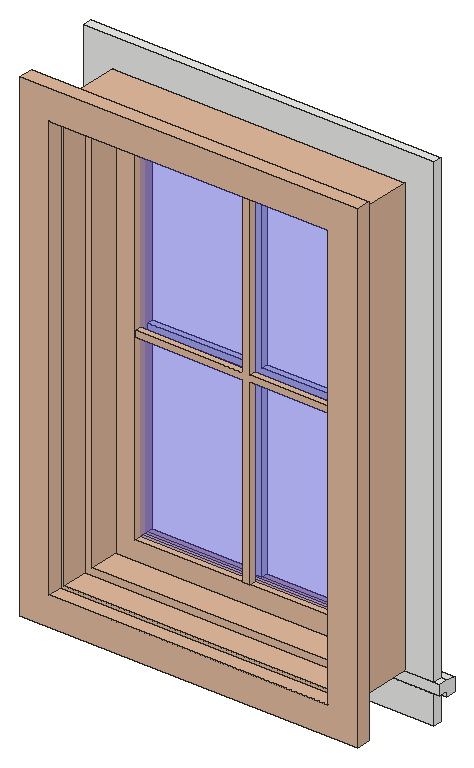
Revit family "M_Janela-batente-único_direito", category Janelas, Revit 2019
Family settings
  Hospedeiro = Parede
  Número OmniClass = 23.30.20.17.21.14
  Título OmniClass = Casement Windows
  Sempre na vertical = Sim
  Corte com vazios quando carregada = Não
  Compartilhado = Não
  Ponto de cálculo do ambiente = Não
Parameters (values of type "600 x 900mm")
  Janela aplicada [instance] = 0 mm
  Espessura da parede [instance] = 150 mm
  Visual Light Transmittance = 0.81
  Resistência térmica (R) = 0.319569 (m²·K)/W
  Solar Heat Gain Coefficient = 0.76
  Largura bruta = Largura + 15 mm  # 615 mm
  Altura bruta = Altura + 15 mm  # 915 mm
  Visibilidade do montante = yes
  Padrão do montante = M_Padrão do montante_2x2 : M_Padrão do montante_2x2
  Fechamento da parede interior [instance] = 54.75 mm
  Visibilidade do recorte interior [instance] = yes
  Material da apara interior = Madeira – Manchada
  Recorte interior = M_Moldura-janela-interior-plana : Quadro
  Altura = 900 mm
  Material da moldura interior = Madeira – Manchada
  Coeficiente de transferência de calor (U) = 3.12929 W/(m²·K)
  Material do painel de vidro = Vidro
  Extensão do quadro [instance] = if(Visibilidade da apara externa, Janela aplicada + 6.35 mm, 6.35 mm)  # 6.35 mm
  Classificação de incêndio = "0.5h"
  Fechamento da parede externa [instance] = 31.75 mm
  Visibilidade da apara externa [instance] = yes
  Material da apara externa = Revestimento – Branco
  Apara externa = M_Recorte-Janela-Exterior-Plana : com peitoril
  Material da moldura exterior = Revestimento – Branco
  Visibilidade do umbral da extensão [instance] = and(Visibilidade do recorte interior, Espessura da parede - Janela aplicada > 95.25 mm)  # yes
  Umbral da extensão [instance] = if(Espessura da parede - Janela aplicada > 95.25 mm, Espessura da parede - Janela aplicada - 95.25 mm, 25.4 mm)  # 54.75 mm
  Altura-padrão do peitoril = 900 mm
  Fechamento da parede = Por hospedeiro
  Largura = 600 mm
  Código de montagem = "B2020100"
  Construção analítica = "Vidraça dupla – residencial"
Reference planes
  plane 1 "Centro (Frente/Trás)": y = 0
  plane 2: z = 0
  plane 3 "Centro (Esquerda/Direita)": x = 0
  plane 4 "Esquerda": x = -300
  plane 5 "Direita": x = 300
  plane 6 "Peitoril": z = 900
  plane 7 "Superior": z = 1800
  plane 8 "Inset Face": y = 75
  plane 9 "Fechamento da parede": y = -20.25
  plane 10 "Face do caixilho": y = 87.7
  plane 11 "Exterior": y = 75
  plane 12: x = 287.3
  plane 13: x = -287.3
  plane 14: z = 1787.3
  plane 15: z = 912.7
  plane 16: x = 230.15
  plane 17: x = -230.15
  plane 18: z = 1730.15
  plane 19: z = 969.85
  plane 20: y = 55.95
  plane 21 "Vidro": y = 65.475
  plane 22 "Meio": z = 1350
  plane 23: y = 94.05
  plane 24: y = 94.05
  plane 25 "Interior": y = -75
  plane 26 "Umbral": y = -20.25
  plane 27: y = -20.25
  plane 28: y = 43.25
  plane 29: y = 94.05
Forms (mm)
  Sweep 1, solid, material "Madeira – Manchada" <- "Material da moldura interior"
    path origin (0, 87.7, 0) x (-1, 0, 0) y (0, 0, 1)
      loop
        line (-300, 900) -> (300, 900) -> (300, 1800) -> (-300, 1800) -> (-300, 900)
    profile origin (300, 87.7, 1350) x (1, 0, 0) y (0, 1, 0)
      loop
        line (0, 6.35) -> (-12.7, 6.35) -> (-12.7, -44.45) -> (-31.75, -44.45) -> (-31.75, -107.95) -> (0, -107.95) -> (0, 6.35)
  Extrusion 2, solid, material "Madeira – Manchada" <- "Material da moldura interior", visible <- "Visibilidade do umbral da extensão"
    sketch origin (0, 0, 0) x (1, 0, 0) y (0, 0, 1)
      loop
        line (300, 1800) -> (-300, 1800) -> (-300, 900) -> (300, 900) -> (300, 1800)
      loop
        line (280.95, 919.05) -> (280.95, 1780.95) -> (-280.95, 1780.95) -> (-280.95, 919.05) -> (280.95, 919.05)
    from 20.25 to 75
  Sweep 3, solid, material "Madeira – Manchada" <- "Material da moldura interior"
    path origin (0, 87.7, 0) x (-1, 0, 0) y (0, 0, 1)
      loop
        line (-287.3, 912.7) -> (287.3, 912.7) -> (287.3, 1787.3) -> (-287.3, 1787.3) -> (-287.3, 912.7)
    profile origin (287.3, 87.7, 1350) x (1, 0, 0) y (0, 1, 0)
      loop
        line (0, 0) -> (-57.15, 0) -> (-57.15, -44.45) -> (0, -44.45) -> (0, 0)
  Extrusion 4, solid, material "Vidro"
    sketch origin (-701.675, 0, 900) x (0, -1, 0) y (1, 0, 0)
      loop
        line (-75, 471.525) -> (-68.65, 471.525) -> (-68.65, 931.825) -> (-75, 931.825) -> (-75, 471.525)
      loop
        line (-55.95, 931.825) -> (-62.3, 931.825) -> (-62.3, 471.525) -> (-55.95, 471.525) -> (-55.95, 931.825)
    from 69.85 to 830.15
Lines and regions (mm)
  Opening 1
    outline origin (-1524, -75, 0) x (1, 0, 0) y (0, 0, 1)
      loop
        line (1224, 1800) -> (1224, 900) -> (1824, 900) -> (1824, 1800) -> (1224, 1800)
  Split face 1
    outline origin (-230.15, 43.25, 969.85) x (1, 0, 0) y (0, 1, 0)
      loop
        line (0, 31.75) -> (460.3, 31.75)
  Split face 2
    outline origin (230.15, 43.25, 969.85) x (0, 0, 1) y (0, 1, 0)
      loop
        line (760.3, 31.75) -> (0, 31.75)
  Split face 3
    outline origin (-230.15, 43.25, 1730.15) x (0, 0, -1) y (0, 1, 0)
      loop
        line (760.3, 31.75) -> (0, 31.75)
  Split face 4
    outline origin (230.15, 43.25, 1730.15) x (0, 1, 0) y (-1, 0, 0)
      loop
        line (31.75, 460.3) -> (31.75, 0)
  symbolic lines, style "Giro da elevação"
    curve 1: line (287.3, 0, 1350) -> (-287.3, 0, 912.7)
    curve 2: line (287.3, 0, 1350) -> (-287.3, 0, 1787.3)
Text (mm)
  text "EXTERIOR" at (-1490.695, 1293.036, 0), in view "Nível de referência"
  text "INTERIOR" at (-1490.695, -959.266, 0), in view "Nível de referência"
  text "Exterior" at (0, 1108.87, 3129.179), in view "Esquerda"
  text "Exterior" at (0, 464.664, 3176.206), in view "Direita"
Dimensions and locks
  equal spacing: plane 4 "Esquerda", plane 3 "Centro (Esquerda/Direita)", plane 5 "Direita"
  "Largura": plane 4 "Esquerda" to plane 5 "Direita"
  "Altura": plane 6 "Peitoril" to plane 7 "Superior"
  "Altura-padrão do peitoril": plane 2 to plane 6 "Peitoril"
  locked: plane 10 "Face do caixilho" to plane 8 "Inset Face" at 12.7
  "Espessura da parede": host wall to host wall
  "Janela aplicada": plane 11 "Exterior" to plane 8 "Inset Face"
  locked: Sweep 1 sketch curve to plane 5 "Direita" at 31.75
  locked: Sweep 1 sketch curve to plane 5 "Direita" at 12.7
  locked: plane 10 "Face do caixilho" to Sweep 1 sketch curve at 44.45
  locked: plane 12 to plane 5 "Direita" at 12.7
  locked: plane 4 "Esquerda" to plane 13 at 12.7
  locked: plane 14 to plane 7 "Superior" at 12.7
  locked: plane 6 "Peitoril" to plane 15 at 12.7
  locked: plane 16 to plane 12 at 57.15
  locked: plane 13 to plane 17 at 57.15
  locked: plane 18 to plane 14 at 57.15
  locked: plane 15 to plane 19 at 57.15
  locked: Extrusion 2 sketch curve to plane 7 "Superior" at 19.05
  locked: Extrusion 2 sketch curve to plane 5 "Direita" at 19.05
  locked: Extrusion 2 sketch curve to plane 4 "Esquerda" at 19.05
  locked: plane 6 "Peitoril" to Extrusion 2 sketch curve at 19.05
  equal spacing: plane 8 "Inset Face", plane 21 "Vidro", plane 20
  locked: plane 8 "Inset Face" to plane 20 at 19.05
  equal spacing: plane 6 "Peitoril", plane 22 "Meio", plane 7 "Superior"
  locked: plane 23 to plane 11 "Exterior" at 19.05
  locked: plane 24 to plane 10 "Face do caixilho" at 6.35
  "Umbral da extensão": plane 26 "Umbral" to plane 25 "Interior"
  locked: plane 8 "Inset Face" to plane 9 "Fechamento da parede" at 95.25
  "Fechamento da parede interior": plane 27 to plane 25 "Interior"
  "Fechamento da parede externa": plane 11 "Exterior" to plane 28
  "Extensão do quadro": plane 29 to plane 10 "Face do caixilho"
  aligned and locked: plane 7 "Superior" to Opening 1 sketch curve
  aligned and locked: plane 6 "Peitoril" to Opening 1 sketch curve  (x2)
  aligned and locked: plane 5 "Direita" to Opening 1 sketch curve
  aligned and locked: plane 4 "Esquerda" to Opening 1 sketch curve
  aligned and locked: level to plane 2
  aligned and locked: host wall to plane 11 "Exterior"
  aligned and locked: plane 5 "Direita" to Sweep 1 sketch curve
  aligned and locked: plane 7 "Superior" to Sweep 1 sketch curve
  aligned and locked: Sweep 1 sketch curve to plane 4 "Esquerda"
  aligned and locked: Sweep 1 sketch curve to plane 6 "Peitoril"
  aligned and locked: Extrusion 2 sketch curve to host wall  (x3)
  aligned and locked: plane 7 "Superior" to Extrusion 2 sketch curve
  aligned and locked: host wall to Extrusion 2
  aligned and locked: plane 15 to Sweep 3 sketch curve
  aligned and locked: Sweep 3 sketch curve to plane 13
  aligned and locked: Sweep 3 sketch curve to plane 14
  aligned and locked: Extrusion 4 sketch curve to plane 8 "Inset Face"
  aligned and locked: plane 20 to Extrusion 4 sketch curve
  aligned and locked: Sweep 3 to Extrusion 4 sketch curve  (x2)
  aligned and locked: Extrusion 4 sketch curve to plane 17  (x2)
  aligned and locked: plane 19 to nested 1
  aligned and locked: nested 1 to plane 21 "Vidro"
  aligned and locked: plane 18 to Extrusion 4
  aligned and locked: Split face 1 sketch curve to Extrusion 4
  aligned and locked: plane 8 "Inset Face" to Split face 2 sketch curve
  aligned and locked: Split face 3 sketch curve to plane 8 "Inset Face"
  aligned and locked: Split face 4 sketch curve to plane 8 "Inset Face"
  aligned and locked: plane 25 "Interior" to host wall
  aligned and locked: plane 26 "Umbral" to Extrusion 2
  aligned and locked: plane 9 "Fechamento da parede" to Sweep 1
  aligned and locked: nested 2 to plane 4 "Esquerda"
  aligned and locked: plane 11 "Exterior" to nested 2
  aligned and locked: plane 12 to Sweep 3 sketch curve
  aligned and locked: plane 22 "Meio" to curve 1
  aligned and locked: nested 2 to plane 7 "Superior"
  aligned and locked: nested 1 to plane 16
  aligned and locked: nested 1 to plane 17
  aligned and locked: plane 18 to nested 1
  aligned and locked: plane 7 "Superior" to nested 4
  aligned and locked: plane 3 "Centro (Esquerda/Direita)" to nested 4
  aligned and locked: plane 7 "Superior" to nested 3
  aligned and locked: nested 3 to plane 3 "Centro (Esquerda/Direita)"
  aligned and locked: plane 29 to Sweep 1 sketch curve
Automatic sketch dimensions
  Sweep 1 sketch curve to profile plane = 0 mm
  Sweep 1 sketch curve to Sweep 1 sketch curve = 63.5 mm
  Sweep 3 sketch curve to plane 10 "Face do caixilho" = 0 mm
  Sweep 3 sketch curve to profile plane = 0 mm
  profile plane to Sweep 3 sketch curve = 57.15 mm
  Sweep 3 sketch curve to plane 10 "Face do caixilho" = 44.45 mm
  plane 21 "Vidro" to Extrusion 4 sketch curve = 3.175 mm
  Extrusion 4 sketch curve to plane 21 "Vidro" = 3.175 mm
  plane 13 to curve 2 = 0 mm
  plane 13 to curve 1 = 0 mm
  plane 12 to curve 1 = 0 mm
  curve 1 to plane 15 = 0 mm
  curve 2 to plane 14 = 0 mm
  Split face 1 sketch curve to Sweep 3 = 0 mm  (x2)
  Split face 2 sketch curve to Sweep 3 = 0 mm
  Sweep 3 to Split face 2 sketch curve = 0 mm
  Sweep 3 to Split face 3 sketch curve = 0 mm
  Split face 3 sketch curve to Sweep 3 = 0 mm
  Split face 4 sketch curve to Sweep 3 = 0 mm  (x2)
Nested families
  nested 1: "M_Padrão do montante_2x2" at (0, 65.475, 969.85), type <- "Padrão do montante", Material externo <- "Material da moldura exterior", Material interior <- "Material da moldura interior", visible <- "Visibilidade do montante", type "M_Padrão do montante_2x2"
    with Largura 460.3 mm, Material interior Madeira – Manchada, Altura 760.3 mm, Material externo Revestimento – Branco
  nested 2: "M_Plano-Batente" at (0, 75, 900) x (-1, 0, 0) z (0, 0, 1), Largura <- "Largura", Janela aplicada <- "Janela aplicada", Altura <- "Altura", Espessura da parede <- "Espessura da parede", type "M_Plano-Batente"
    with Janela aplicada de 3D 0 mm, Janela aplicada 0 mm, Largura 600 mm, Espessura da parede 150 mm, Linha superior yes, Linha à direita yes, RH yes, Linha à esquerda yes, LH no, Altura 900 mm, Linha inferior yes
  nested 3: "M_Recorte-Janela-Exterior-Plana" at (0, 75, 1800) x (-1, 0, 0) z (0, 1, 0), visible <- "Visibilidade da apara externa", Material da apara <- "Material da apara externa", Largura da abertura <- "Largura", Altura da abertura <- "Altura", type <- "Apara externa", type "com peitoril"
    with Material da apara Revestimento – Branco, Largura da abertura 600 mm, Altura da abertura 900 mm
  nested 4: "M_Moldura-janela-interior-plana" at (0, -75, 1800) x (1, 0, 0) z (0, -1, 0), visible <- "Visibilidade do recorte interior", Material da apara <- "Material da apara interior", Largura da abertura <- "Largura", Altura da abertura <- "Altura", type <- "Recorte interior", type "Quadro"
    with Material da apara Madeira – Manchada, Largura da abertura 600 mm, Altura da abertura 900 mm
Definition of nested family "M_Padrão do montante_2x2"
  Parameters (values of type "M_Padrão do montante_2x2")
    Largura [instance] = 1200 mm
    Espessura = 12.7 mm
    Altura [instance] = 1200 mm
    Material interior [instance] = none
    Material externo [instance] = none
    Distância = 19.05 mm
  Reference planes
    plane 1 "Centro (Frente/Trás)": y = 0
    plane 2: z = 0
    plane 3 "Centro (Esquerda/Direita)": x = 0
    plane 4: z = 1200
    plane 5: x = -600
    plane 6: x = 600
    plane 7: z = 600
    plane 8: y = 9.525
    plane 9: y = 22.225
    plane 10: y = -9.525
    plane 11: y = -22.225
  Forms (mm)
    Extrusion 1, solid, material <- "Material interior", detail levels fine
      sketch origin (0, 0, 0) x (1, 0, 0) y (0, 0, 1)
        loop
          line (-600, 606.35) -> (-600, 593.65) -> (-6.35, 593.65) -> (-6.35, 0) -> (6.35, 0) -> (6.35, 593.65) -> (600, 593.65) -> (600, 606.35) -> (6.35, 606.35) -> (6.35, 1200) -> (-6.35, 1200) -> (-6.35, 606.35) -> (-600, 606.35)
      from 9.525 to 22.225
    Extrusion 2, solid, material <- "Material externo", detail levels fine
      sketch origin (0, 0, 0) x (1, 0, 0) y (0, 0, -1)
        loop
          line (-600, -606.35) -> (-6.35, -606.35) -> (-6.35, -1200) -> (6.35, -1200) -> (6.35, -606.35) -> (600, -606.35) -> (600, -593.65) -> (6.35, -593.65) -> (6.35, 0) -> (-6.35, 0) -> (-6.35, -593.65) -> (-600, -593.65) -> (-600, -606.35)
      from 9.525 to 22.225
  Lines and regions (mm)
    model lines, detail levels medium
      curve 1: line (0, 9.525, 1200) -> (0, 9.525, 0)
      curve 2: line (-600, -9.525, 600) -> (600, -9.525, 600)
      curve 3: line (-600, 9.525, 600) -> (600, 9.525, 600)
      curve 4: line (0, -9.525, 1200) -> (0, -9.525, 0)
  Dimensions and locks
    equal spacing: plane 6, plane 3 "Centro (Esquerda/Direita)", plane 5
    "Largura": plane 6 to plane 5
    "Altura": plane 4 to plane 2
    equal spacing: plane 4, plane 7, plane 2
    locked: plane 3 "Centro (Esquerda/Direita)" to Extrusion 1 sketch curve at 6.35  (x4)
    locked: Extrusion 1 sketch curve to plane 7 at 6.35  (x2)
    locked: plane 7 to Extrusion 1 sketch curve at 6.35  (x2)
    "Espessura": plane 9 to plane 8
    "Espessura": plane 10 to plane 11
    "Distância": plane 8 to plane 10
    equal spacing: plane 8, plane 1 "Centro (Frente/Trás)", plane 10
    aligned and locked: plane 2 to level
    aligned and locked: plane 4 to curve 1
    aligned and locked: plane 5 to curve 2
    aligned and locked: plane 2 to curve 1
    aligned and locked: plane 6 to curve 2
    aligned and locked: Extrusion 1 sketch curve to plane 4
    aligned and locked: Extrusion 1 sketch curve to plane 6
    aligned and locked: Extrusion 1 sketch curve to plane 5
    aligned and locked: Extrusion 1 sketch curve to level
    aligned and locked: Extrusion 1 to plane 11
    aligned and locked: plane 10 to Extrusion 1
    aligned and locked: Extrusion 2 to plane 5
    aligned and locked: plane 6 to Extrusion 2
    aligned and locked: Extrusion 2 to plane 8
    aligned and locked: plane 9 to Extrusion 2
    aligned and locked: Extrusion 2 to plane 2
    aligned and locked: plane 4 to Extrusion 2
    aligned and locked: plane 5 to curve 3
    aligned and locked: plane 6 to curve 3
    aligned and locked: plane 4 to curve 4
    aligned and locked: plane 2 to curve 4
    aligned and locked: plane 8 to curve 3
  Automatic sketch dimensions
    curve 2 to plane 7 = 0 mm
    Extrusion 2 sketch curve to plane 5 = 0 mm
    Extrusion 2 sketch curve to level = 0 mm
    Extrusion 2 sketch curve to plane 4 = 0 mm
    Extrusion 2 sketch curve to plane 6 = 0 mm
    Extrusion 2 sketch curve to plane 3 "Centro (Esquerda/Direita)" = 6.35 mm  (x2)
    plane 3 "Centro (Esquerda/Direita)" to Extrusion 2 sketch curve = 6.35 mm  (x2)
    plane 7 to Extrusion 2 sketch curve = 6.35 mm  (x2)
    Extrusion 2 sketch curve to plane 7 = 6.35 mm  (x2)
    curve 4 to plane 3 "Centro (Esquerda/Direita)" = 0 mm
    curve 4 to level = 0 mm
    curve 4 to plane 4 = 0 mm
    curve 3 to plane 6 = 0 mm
    curve 1 to plane 3 "Centro (Esquerda/Direita)" = 0 mm
    curve 3 to plane 5 = 0 mm
    curve 3 to plane 7 = 0 mm
Definition of nested family "M_Recorte-Janela-Exterior-Plana"
  Parameters (values of type "com peitoril")
    Largura da apara = 60 mm
    Espessura da apara_Quadro = 30 mm
    Espessura da apara_com peitoril = 19.05 mm
    Material da apara [instance] = none
    Espessura do peitoril = 30 mm
    Peitoril = yes
    Quadro = no
    Largura da abertura [instance] = 600 mm
    Altura da abertura [instance] = 900 mm
    Default Elevation = 1200 mm
  Types (2, lengths in mm): name | Peitoril | Quadro
    com peitoril | yes | no
    Quadro | no | yes
  Reference planes
    plane 1 "Centro (Frente/Trás)": y = 0
    plane 2: z = 0
    plane 3 "Centro (Esquerda/Direita)": x = 0
    plane 4: y = 60
    plane 5 "Esquerda": x = -300
    plane 6 "Direita": x = 300
    plane 7 "Inferior": y = -900
    plane 8: y = -930
    plane 9: y = -980.432
    plane 10: x = 360
    plane 11: x = -360
    plane 12: z = 19.05
    plane 13: z = 30
    plane 14: x = 372.7
    plane 15: x = -372.7
    plane 16: y = -920.432
    plane 17: y = -960
    plane 18: z = 12.7
    plane 19: y = -450
    plane 20: z = 38.1
  Forms (mm)
    Extrusion 1, solid
      sketch origin (0, 0, 0) x (1, 0, 0) y (0, 1, 0)
        loop
          line (-361.95, 57.15) -> (-361.95, -993.732) -> (361.95, -993.732) -> (361.95, 57.15) -> (-361.95, 57.15)
      from 0 to -304.8
    Extrusion 2, solid, material <- "Material da apara", visible <- "Peitoril"
      sketch origin (0, 0, 0) x (1, 0, 0) y (0, 1, 0)
        loop
          line (-360, -900) -> (-300, -900) -> (-300, 0) -> (300, 0) -> (300, -900) -> (360, -900) -> (360, 60) -> (-360, 60) -> (-360, -900)
      from 0 to 19.05
    Extrusion 3, solid, material <- "Material da apara", visible <- "Peitoril"
      sketch origin (0, 0, 0) x (0, 1, 0) y (0, 0, 1)
        loop
          line (-902.458, 38.1) -> (-930, 38.1) -> (-930, 19.05) -> (-920.432, 19.05) -> (-920.432, 0) -> (-900, 0) -> (-900, 19.05) -> (-902.458, 38.1)
      from -372.7 to 372.7
    Extrusion 4, solid, material <- "Material da apara", visible <- "Peitoril"
      sketch origin (0, 0, 0) x (1, 0, 0) y (0, 1, 0)
        loop
          line (-360, -920.432) -> (-360, -980.432) -> (360, -980.432) -> (360, -920.432) -> (-360, -920.432)
      from 0 to 19.05
    Extrusion 5, solid, material <- "Material da apara", visible <- "Quadro"
      sketch origin (0, 0, 0) x (1, 0, 0) y (0, 1, 0)
        loop
          line (-300, 0) -> (-300, -900) -> (300, -900) -> (300, 0) -> (-300, 0)
        loop
          line (-360, 60) -> (-360, -960) -> (360, -960) -> (360, 60) -> (-360, 60)
      from 0 to 30
  Dimensions and locks
    equal spacing: plane 5 "Esquerda", plane 3 "Centro (Esquerda/Direita)", plane 6 "Direita"
    "Largura da abertura": plane 5 "Esquerda" to plane 6 "Direita"
    "Altura da abertura": plane 7 "Inferior" to plane 1 "Centro (Frente/Trás)"
    "Espessura do peitoril": plane 7 "Inferior" to plane 8
    "Largura da apara": plane 11 to plane 5 "Esquerda"
    "Largura da apara": plane 6 "Direita" to plane 10
    "Largura da apara": plane 1 "Centro (Frente/Trás)" to plane 4
    locked: plane 15 to plane 11 at 12.7
    locked: plane 10 to plane 14 at 12.7
    locked: plane 16 to plane 8 at 9.568
    "Largura da apara": plane 9 to plane 16
    "Largura da apara": plane 17 to plane 7 "Inferior"
    locked: plane 18 to plane 2 at 12.7
    equal spacing: plane 7 "Inferior", plane 19, plane 1 "Centro (Frente/Trás)"
    locked: plane 20 to plane 12 at 19.05
    "Espessura da apara_com peitoril": plane 12 to plane 2
    "Espessura da apara_Quadro": plane 13 to plane 2
    aligned and locked: plane 2 to Extrusion 1
    aligned and locked: level to Extrusion 1
    aligned and locked: Extrusion 2 sketch curve to plane 5 "Esquerda"
    aligned and locked: Extrusion 2 sketch curve to plane 11
    aligned and locked: plane 7 "Inferior" to Extrusion 2 sketch curve  (x2)
    aligned and locked: plane 1 "Centro (Frente/Trás)" to Extrusion 2 sketch curve
    aligned and locked: plane 10 to Extrusion 2 sketch curve
    aligned and locked: Extrusion 2 sketch curve to plane 6 "Direita"
    aligned and locked: plane 12 to Extrusion 2
    aligned and locked: Extrusion 3 sketch curve to level
    aligned and locked: plane 7 "Inferior" to Extrusion 3 sketch curve
    aligned and locked: Extrusion 3 sketch curve to plane 8
    aligned and locked: plane 15 to Extrusion 3
    aligned and locked: Extrusion 3 to plane 14
    aligned and locked: plane 10 to Extrusion 4 sketch curve
    aligned and locked: Extrusion 4 sketch curve to plane 11
    aligned and locked: plane 16 to Extrusion 4 sketch curve
    aligned and locked: plane 9 to Extrusion 4 sketch curve
    aligned and locked: Extrusion 4 to Extrusion 2
    aligned and locked: Extrusion 2 sketch curve to plane 4
    aligned and locked: plane 1 "Centro (Frente/Trás)" to Extrusion 5 sketch curve
    aligned and locked: Extrusion 5 sketch curve to plane 4
    aligned and locked: Extrusion 5 sketch curve to plane 17
    aligned and locked: plane 7 "Inferior" to Extrusion 5 sketch curve
    aligned and locked: Extrusion 5 sketch curve to plane 6 "Direita"
    aligned and locked: plane 10 to Extrusion 5 sketch curve
    aligned and locked: Extrusion 5 sketch curve to plane 5 "Esquerda"
    aligned and locked: Extrusion 5 sketch curve to plane 11
    aligned and locked: plane 13 to Extrusion 5
    aligned and locked: plane 20 to Extrusion 3
  Automatic sketch dimensions
    Extrusion 1 sketch curve to Extrusion 1 sketch curve = 723.9 mm
    Extrusion 1 sketch curve to Extrusion 1 sketch curve = 1050.882 mm
    Extrusion 3 sketch curve to plane 16 = 0 mm
    Extrusion 3 sketch curve to plane 12 = 0 mm  (x2)
    Extrusion 3 sketch curve to plane 7 "Inferior" = 2.458 mm
    plane 13 to Extrusion 3 sketch curve = 8.1 mm
Definition of nested family "M_Moldura-janela-interior-plana"
  Parameters (values of type "com peitoril")
    Espessura da apara_Quadro = 30 mm
    Largura da apara = 60 mm
    Espessura da apara_com peitoril = 20 mm
    Material da apara [instance] = none
    Espessura do peitoril = 30 mm
    Peitoril = yes
    Quadro = no
    Largura da abertura [instance] = 600 mm
    Altura da abertura [instance] = 900 mm
    Default Elevation = 1200 mm
  Types (2, lengths in mm): name | Peitoril | Quadro
    com peitoril | yes | no
    Quadro | no | yes
  Reference planes
    plane 1 "Centro (Frente/Trás)": y = 0
    plane 2: z = 0
    plane 3 "Centro (Esquerda/Direita)": x = 0
    plane 4: y = 47.3
    plane 5 "Esquerda": x = -300
    plane 6 "Direita": x = 300
    plane 7 "Inferior": y = -900
    plane 8: y = -930
    plane 9: y = -980.432
    plane 10: x = 347.3
    plane 11: x = -347.3
    plane 12: z = 20
    plane 13: z = 30
    plane 14: x = 360
    plane 15: x = -360
    plane 16: y = -920.432
    plane 17: y = -947.3
    plane 18: z = 12.7
    plane 19: x = -287.3
    plane 20: y = -12.7
    plane 21: x = 287.3
    plane 22: y = -887.3
    plane 23: x = -334.6
    plane 24: x = 334.6
    plane 25: y = -450
  Forms (mm)
    Extrusion 1, solid
      sketch origin (0, 0, 0) x (1, 0, 0) y (0, 1, 0)
        loop
          line (-349.25, 44.45) -> (-349.25, -958.85) -> (349.25, -958.85) -> (349.25, 44.45) -> (-349.25, 44.45)
      from 0 to -304.8
    Extrusion 2, solid, material <- "Material da apara", visible <- "Peitoril"
      sketch origin (0, 0, 0) x (1, 0, 0) y (0, 1, 0)
        loop
          line (-334.6, -900) -> (-287.3, -900) -> (-287.3, 0) -> (287.3, 0) -> (287.3, -900) -> (334.6, -900) -> (334.6, 47.3) -> (-334.6, 47.3) -> (-334.6, -900)
      from 0 to 20
    Extrusion 3, solid, material <- "Material da apara", visible <- "Peitoril"
      sketch origin (0, 0, 0) x (0, 1, 0) y (0, 0, 1)
        loop
          line (-912.7, 39.05) -> (-920.432, 39.05) -> (-920.432, 0) -> (-900, 0) -> (-900, 26.35)
          arc (-900, 26.35) -> (-903.72, 35.33) -> (-912.7, 39.05) r 12.7
      from -347.3 to 347.3
    Extrusion 4, solid, material <- "Material da apara", visible <- "Peitoril"
      sketch origin (0, 0, 0) x (1, 0, 0) y (0, 1, 0)
        loop
          line (-334.6, -920.432) -> (-334.6, -980.432) -> (334.6, -980.432) -> (334.6, -920.432) -> (-334.6, -920.432)
      from 0 to 20
    Extrusion 5, solid, material <- "Material da apara", visible <- "Quadro"
      sketch origin (0, 0, 0) x (1, 0, 0) y (0, 1, 0)
        loop
          line (-287.3, -12.7) -> (-287.3, -887.3) -> (287.3, -887.3) -> (287.3, -12.7) -> (-287.3, -12.7)
        loop
          line (-347.3, 47.3) -> (-347.3, -947.3) -> (347.3, -947.3) -> (347.3, 47.3) -> (-347.3, 47.3)
      from 0 to 30
  Dimensions and locks
    equal spacing: plane 5 "Esquerda", plane 3 "Centro (Esquerda/Direita)", plane 6 "Direita"
    "Largura da abertura": plane 5 "Esquerda" to plane 6 "Direita"
    "Altura da abertura": plane 7 "Inferior" to plane 1 "Centro (Frente/Trás)"
    "Espessura do peitoril": plane 7 "Inferior" to plane 8
    "Largura da apara": plane 11 to plane 19
    "Largura da apara": plane 21 to plane 10
    "Largura da apara": plane 20 to plane 4
    "Espessura da apara_com peitoril": plane 12 to plane 2
    locked: plane 15 to plane 11 at 12.7
    locked: plane 10 to plane 14 at 12.7
    locked: plane 16 to plane 8 at 9.568
    "Largura da apara": plane 9 to plane 16
    "Largura da apara": plane 17 to plane 22
    plane 20 to plane 1 "Centro (Frente/Trás)" = 12.7 mm
    plane 5 "Esquerda" to plane 19 = 12.7 mm
    plane 21 to plane 6 "Direita" = 12.7 mm
    plane 22 to plane 7 "Inferior" = 12.7 mm
    locked: plane 11 to plane 23 at 12.7
    locked: plane 24 to plane 10 at 12.7
    equal spacing: plane 7 "Inferior", plane 25, plane 1 "Centro (Frente/Trás)"
    "Espessura da apara_Quadro": plane 13 to plane 2
    locked: Extrusion 3 to plane 12 at 19.05
    locked: plane 12 to Extrusion 3 sketch curve at 19.05
    radius of Extrusion 3 sketch curve = 12.7 mm
    aligned and locked: plane 2 to Extrusion 1
    aligned and locked: level to Extrusion 1
    aligned and locked: plane 7 "Inferior" to Extrusion 2 sketch curve  (x2)
    aligned and locked: plane 1 "Centro (Frente/Trás)" to Extrusion 2 sketch curve
    aligned and locked: plane 12 to Extrusion 2
    aligned and locked: Extrusion 3 sketch curve to level
    aligned and locked: plane 7 "Inferior" to Extrusion 3 sketch curve
    aligned and locked: plane 16 to Extrusion 4 sketch curve
    aligned and locked: plane 9 to Extrusion 4 sketch curve
    aligned and locked: Extrusion 2 sketch curve to plane 4
    aligned and locked: Extrusion 5 sketch curve to plane 4
    aligned and locked: Extrusion 5 sketch curve to plane 17
    aligned and locked: plane 10 to Extrusion 5 sketch curve
    aligned and locked: Extrusion 5 sketch curve to plane 11
    aligned and locked: plane 13 to Extrusion 5
    aligned and locked: Extrusion 5 sketch curve to plane 20
    aligned and locked: Extrusion 5 sketch curve to plane 19
    aligned and locked: Extrusion 5 sketch curve to plane 21
    aligned and locked: plane 22 to Extrusion 5 sketch curve
    aligned and locked: Extrusion 4 to plane 24
    aligned and locked: plane 11 to Extrusion 3
    aligned and locked: Extrusion 3 to plane 10
    aligned and locked: Extrusion 2 sketch curve to plane 21
    aligned and locked: Extrusion 2 sketch curve to plane 24
    aligned and locked: Extrusion 2 sketch curve to plane 19
    aligned and locked: Extrusion 2 sketch curve to plane 23
    aligned and locked: plane 12 to Extrusion 4
  Automatic sketch dimensions
    Extrusion 1 sketch curve to Extrusion 1 sketch curve = 698.5 mm
    Extrusion 1 sketch curve to Extrusion 1 sketch curve = 1003.3 mm
    Extrusion 3 sketch curve to plane 16 = 0 mm
    Extrusion 4 sketch curve to plane 11 = 12.7 mm
    Extrusion 4 sketch curve to plane 24 = 0 mm
Definition of nested family "M_Plano-Batente"
  Parameters (values of type "M_Plano-Batente")
    Janela aplicada [instance] = 25 mm
    Janela aplicada de 3D [instance] = if(Janela aplicada - 12.7 mm < 0 mm, 0 mm, if(Janela aplicada - 12.7 mm < Espessura da parede - 88.9 mm, Janela aplicada - 12.7 mm, Espessura da parede - 88.9 mm))  # 12.3 mm
    Width [instance] = 1200 mm
    Espessura da parede [instance] = 150 mm
    Linha superior [instance] = yes
    Linha à direita [instance] = yes
    RH [instance] = yes
    Linha à esquerda [instance] = yes
    LH [instance] = yes
    Height [instance] = 900 mm
    Default Elevation = 1200 mm
    Linha inferior [instance] = yes
    Analytic Construction = "<Nenhum>"
  Reference planes
    plane 1 "Centro (Frente/Trás)": y = 0
    plane 2: z = 0
    plane 3 "Centro (Esquerda/Direita)": x = 0
    plane 4: x = -600
    plane 5: x = 600
    plane 6 "Umbral": y = -101.2
    plane 7: x = -587.3
    plane 8: x = -568.25
    plane 9: y = -12.3
    plane 10: y = -56.75
    plane 11: y = -34.525
    plane 12: x = -530.15
    plane 13: x = 587.3
    plane 14: x = 568.25
    plane 15: x = 530.15
    plane 16 "Janela aplicada": y = -25
    plane 17 "Parede": y = -150
    plane 18: z = 900
    plane 19: z = 887.3
    plane 20: z = 12.7
    plane 21: z = 868.25
    plane 22: z = 31.75
    plane 23: z = 830.15
    plane 24: z = 69.85
  Lines and regions (mm)
    Masking region 1
      outline origin (0, 19.05, 0) x (1, 0, 0) y (0, 1, 0)
        loop
          line (-600, -19.05) -> (-600, -169.05) -> (600, -169.05) -> (600, -19.05) -> (-600, -19.05)
    Masking region 2
      outline origin (0, 0, 0) x (0, 1, 0) y (0, 0, 1)
        loop
          line (0, 900) -> (-150, 900) -> (-150, 0) -> (0, 0) -> (0, 900)
    symbolic lines
      curve 1: line (-587.3, -56.75, 0) -> (-568.25, -56.75, 0)
      curve 2: line (-568.25, -56.75, 0) -> (-568.25, -101.2, 0)
      curve 3: line (-587.3, -12.3, 0) -> (-587.3, -56.75, 0)
      curve 4: line (-530.15, -12.3, 0) -> (-530.15, -56.75, 0)
      curve 5: line (-530.15, -56.75, 0) -> (-568.25, -56.75, 0)
      curve 6: line (-530.15, -34.525, 0) -> (530.15, -34.525, 0)
      curve 7: line (587.3, -56.75, 0) -> (568.25, -56.75, 0)
      curve 8: line (568.25, -56.75, 0) -> (568.25, -101.2, 0)
      curve 9: line (587.3, -12.3, 0) -> (587.3, -56.75, 0)
      curve 10: line (530.15, -12.3, 0) -> (530.15, -56.75, 0)
      curve 11: line (530.15, -56.75, 0) -> (568.25, -56.75, 0)
      curve 14: line (-600, -101.2, 0) -> (-568.25, -101.2, 0)
      curve 15: line (568.25, -101.2, 0) -> (600, -101.2, 0)
      curve 16: line (568.25, -101.2, 0) -> (-568.25, -101.2, 0)
      curve 17: line (0, -12.3, 887.3) -> (0, -56.75, 887.3)
      curve 18: line (0, -56.75, 868.25) -> (0, -101.2, 868.25)
      curve 19: line (0, -12.3, 12.7) -> (0, -56.75, 12.7)
      curve 20: line (0, -56.75, 12.7) -> (0, -56.75, 69.85)
      curve 21: line (0, -56.75, 31.75) -> (0, -101.2, 31.75)
      curve 22: line (0, -12.3, 900) -> (0, -12.3, 830.15)
      curve 23: line (0, -12.3, 830.15) -> (0, -56.75, 830.15)
      curve 24: line (0, -56.75, 69.85) -> (0, -12.3, 69.85)
      curve 25: line (0, -34.525, 69.85) -> (0, -34.525, 830.15)
      curve 28: line (0, -56.75, 887.3) -> (0, -56.75, 830.15)
      curve 29: line (530.15, -12.3, 0) -> (600, -12.3, 0)
      curve 30: line (-530.15, -12.3, 0) -> (-600, -12.3, 0)
      curve 31: line (0, -12.3, 69.85) -> (0, -12.3, 0)
      curve 32: line (-530.15, -12.3, 0) -> (530.15, -12.3, 0)
      curve 33: line (0, -12.3, 830.15) -> (0, -12.3, 69.85)
      curve 38: line (0, -101.2, 31.75) -> (0, -101.2, 868.25)
      curve 39: line (0, -101.2, 31.75) -> (0, -101.2, 0)
      curve 40: line (0, -101.2, 900) -> (0, -101.2, 868.25)
    symbolic lines, visible <- "RH"
      curve 12: arc (-587.3, -12.3, 0) -> (-497.889, 437.2, 0) -> (-243.268, 818.268, 0) r 1174.6
      curve 26: line (587.3, -12.3, 0) -> (-243.268, 818.268, 0)
    symbolic lines, visible <- "LH"
      curve 13: line (-587.3, -12.3, 0) -> (243.268, 818.268, 0)
      curve 27: arc (587.3, -12.3, 0) -> (497.889, 437.2, 0) -> (243.268, 818.268, 0) r 1174.6
    symbolic lines, visible <- "Linha à direita"
      curve 34: line (600, 0, 0) -> (600, -150, 0)
    symbolic lines, visible <- "Linha à esquerda"
      curve 35: line (-600, 0, 0) -> (-600, -150, 0)
    symbolic lines, visible <- "Linha superior"
      curve 36: line (0, 0, 900) -> (0, -150, 900)
    symbolic lines, visible <- "Linha inferior"
      curve 37: line (0, 0, 0) -> (0, -150, 0)
  Dimensions and locks
    "Width": plane 4 to plane 5
    equal spacing: plane 4, plane 3 "Centro (Esquerda/Direita)", plane 5
    plane 4 to plane 7 to plane 8 = 12.7 mm locked, 19.05 mm locked
    equal spacing: plane 9, plane 11, plane 10
    locked: plane 7 to plane 12 at 57.15
    plane 5 to plane 13 to plane 14 = 12.7 mm locked, 19.05 mm locked
    locked: plane 13 to plane 15 at 57.15
    locked: plane 9 to plane 16 "Janela aplicada" at 12.7
    locked: plane 9 to plane 10 at 44.45
    "Espessura da parede": plane 17 "Parede" to plane 1 "Centro (Frente/Trás)"
    "Height": plane 18 to plane 2
    locked: plane 18 to plane 19 at 12.7
    locked: plane 20 to plane 2 at 12.7
    locked: plane 19 to plane 21 at 19.05
    locked: plane 22 to plane 20 at 19.05
    locked: plane 19 to plane 23 at 57.15
    locked: plane 24 to plane 20 at 57.15
    locked: plane 10 to plane 6 "Umbral" at 44.45
    "Janela aplicada de 3D": plane 9 to plane 1 "Centro (Frente/Trás)"
    locked: plane 9 to curve 13 (angle 45.00°)
    angle curve 26 to plane 16 "Janela aplicada" = 45.00°
    aligned and locked: plane 2 to level
    aligned and locked: curve 2 to plane 8
    aligned and locked: curve 1 to plane 10
    aligned and locked: plane 14 to curve 8
    aligned and locked: curve 14 to plane 6 "Umbral"
    aligned and locked: curve 15 to plane 6 "Umbral"
    aligned and locked: plane 21 to curve 18
    aligned and locked: plane 19 to curve 17
    aligned and locked: plane 22 to curve 21
    aligned and locked: plane 10 to curve 20
    aligned and locked: plane 20 to curve 19
    aligned and locked: curve 22 to plane 9
    aligned and locked: plane 23 to curve 23
    aligned and locked: curve 24 to plane 24
    aligned and locked: plane 11 to curve 25
    aligned and locked: plane 13 to curve 27
    aligned and locked: plane 9 to curve 13
    aligned and locked: plane 9 to curve 26
    aligned and locked: plane 5 to curve 29
    aligned and locked: plane 18 to curve 22
    aligned and locked: plane 9 to curve 17
    aligned and locked: plane 9 to curve 19
    aligned and locked: plane 9 to curve 3
    aligned and locked: plane 9 to curve 9
    aligned and locked: curve 28 to plane 10
    aligned and locked: plane 19 to curve 28
    aligned and locked: plane 23 to curve 28
    aligned and locked: plane 4 to curve 30
    aligned and locked: plane 9 to curve 31
    aligned and locked: plane 2 to curve 31
    aligned and locked: curve 32 to plane 9
    aligned and locked: plane 12 to curve 32
    aligned and locked: plane 15 to curve 32
    aligned and locked: plane 24 to curve 33
    aligned and locked: plane 1 "Centro (Frente/Trás)" to curve 34
    aligned and locked: plane 17 "Parede" to curve 34
    aligned and locked: curve 34 to plane 5
    aligned and locked: plane 17 "Parede" to curve 35
    aligned and locked: plane 1 "Centro (Frente/Trás)" to curve 35
    aligned and locked: curve 35 to plane 4
    aligned and locked: plane 17 "Parede" to curve 37
    aligned and locked: plane 1 "Centro (Frente/Trás)" to curve 37
    aligned and locked: curve 37 to plane 2
    aligned and locked: plane 17 "Parede" to curve 36
    aligned and locked: plane 1 "Centro (Frente/Trás)" to curve 36
    aligned and locked: curve 36 to plane 18
    aligned and locked: plane 1 "Centro (Frente/Trás)" to Masking region 1 sketch curve
    aligned and locked: plane 17 "Parede" to Masking region 1 sketch curve
    aligned and locked: plane 4 to Masking region 1 sketch curve
    aligned and locked: Masking region 1 sketch curve to plane 5
    aligned and locked: plane 2 to Masking region 2 sketch curve
    aligned and locked: Masking region 2 sketch curve to plane 18
    aligned and locked: plane 1 "Centro (Frente/Trás)" to Masking region 2 sketch curve
    aligned and locked: plane 17 "Parede" to Masking region 2 sketch curve
    aligned and locked: plane 6 "Umbral" to curve 21
    aligned and locked: plane 6 "Umbral" to curve 18
    aligned and locked: plane 10 to curve 18
    aligned and locked: plane 10 to curve 21
    aligned and locked: plane 22 to curve 39
    aligned and locked: plane 21 to curve 40
    aligned and locked: plane 6 "Umbral" to curve 40
  Automatic sketch dimensions
    curve 3 to plane 7 = 0 mm
    curve 27 to plane 7 = 0 mm
    curve 12 to plane 13 = 0 mm
    curve 7 to plane 10 = 0 mm
    curve 6 to plane 11 = 0 mm
Types in the file's own list only (29): name | Transmissão de luz visual | Resistência térmica (R) | Coeficiente de ganho de calor solar | Largura bruta | Altura bruta | Visibilidade do montante | Padrão do montante | Altura | Coeficiente de transferência de calor (U) | Largura
  450 x 600mm | 0.81 | 0.3196 (m²·K)/W | 0.76 | 465 mm | 615 mm | Sim | M_Padrão do montante_2x2 | 600 mm | 3.1293 W/(m²·K) | 450 mm
  450 x 750mm | 0.81 | 0.3196 (m²·K)/W | 0.76 | 465 mm | 765 mm | Sim | M_Padrão do montante_2x2 | 750 mm | 3.1293 W/(m²·K) | 450 mm
  450 x 900mm | 0.81 | 0.3196 (m²·K)/W | 0.76 | 465 mm | 915 mm | Sim | M_Padrão do montante_2x2 | 900 mm | 3.1293 W/(m²·K) | 450 mm
  450 x 1050mm | 0.81 | 0.3196 (m²·K)/W | 0.76 | 465 mm | 1065 mm | Sim | M_Padrão do montante_2x2 | 1050 mm | 3.1293 W/(m²·K) | 450 mm
  450 x 1200mm | 0.81 | 0.3196 (m²·K)/W | 0.76 | 465 mm | 1215 mm | Sim | M_Padrão do montante_2x2 | 1200 mm | 3.1293 W/(m²·K) | 450 mm
  450 x 1350mm | 0.81 | 0.3196 (m²·K)/W | 0.76 | 465 mm | 1365 mm | Sim | M_Padrão do montante_2x2 | 1350 mm | 3.1293 W/(m²·K) | 450 mm
  450 x 1500mm | 0.81 | 0.3196 (m²·K)/W | 0.76 | 465 mm | 1515 mm | Sim | M_Padrão do montante_2x2 | 1500 mm | 3.1293 W/(m²·K) | 450 mm
  450 x 1650mm | 0.81 | 0.3196 (m²·K)/W | 0.76 | 465 mm | 1665 mm | Sim | M_Padrão do montante_2x2 | 1650 mm | 3.1293 W/(m²·K) | 450 mm
  600 x 600mm | 0.81 | 0.3196 (m²·K)/W | 0.76 | 615 mm | 615 mm | Sim | M_Padrão do montante_2x2 | 600 mm | 3.1293 W/(m²·K) | 600 mm
  600 x 750mm | 0.81 | 0.3196 (m²·K)/W | 0.76 | 615 mm | 765 mm | Sim | M_Padrão do montante_2x2 | 750 mm | 3.1293 W/(m²·K) | 600 mm
  600 x 1050mm | 0.81 | 0.3196 (m²·K)/W | 0.76 | 615 mm | 1065 mm | Sim | M_Padrão do montante_2x2 | 1050 mm | 3.1293 W/(m²·K) | 600 mm
  600 x 1200mm | 0.81 | 0.3196 (m²·K)/W | 0.76 | 615 mm | 1215 mm | Sim | M_Padrão do montante_2x2 | 1200 mm | 3.1293 W/(m²·K) | 600 mm
  600 x 1350mm | 0.81 | 0.3196 (m²·K)/W | 0.76 | 615 mm | 1365 mm | Sim | M_Padrão do montante_2x2 | 1350 mm | 3.1293 W/(m²·K) | 600 mm
  600 x 1500mm | 0.81 | 0.3196 (m²·K)/W | 0.76 | 615 mm | 1515 mm | Sim | M_Padrão do montante_2x2 | 1500 mm | 3.1293 W/(m²·K) | 600 mm
  600 x 1650mm | 0.81 | 0.3196 (m²·K)/W | 0.76 | 615 mm | 1665 mm | Sim | M_Padrão do montante_2x2 | 1650 mm | 3.1293 W/(m²·K) | 600 mm
  750 x 600mm | 0.81 | 0.3196 (m²·K)/W | 0.76 | 765 mm | 615 mm | Sim | M_Padrão do montante_2x2 | 600 mm | 3.1293 W/(m²·K) | 750 mm
  750 x 750mm | 0.81 | 0.3196 (m²·K)/W | 0.76 | 765 mm | 765 mm | Sim | M_Padrão do montante_2x2 | 750 mm | 3.1293 W/(m²·K) | 750 mm
  750 x 900mm | 0.81 | 0.3196 (m²·K)/W | 0.76 | 765 mm | 915 mm | Sim | M_Padrão do montante_2x2 | 900 mm | 3.1293 W/(m²·K) | 750 mm
  750 x 1050mm | 0.81 | 0.3196 (m²·K)/W | 0.76 | 765 mm | 1065 mm | Sim | M_Padrão do montante_2x2 | 1050 mm | 3.1293 W/(m²·K) | 750 mm
  750 x 1200mm | 0.81 | 0.3196 (m²·K)/W | 0.76 | 765 mm | 1215 mm | Sim | M_Padrão do montante_2x2 | 1200 mm | 3.1293 W/(m²·K) | 750 mm
  750 x 1350mm | 0.81 | 0.3196 (m²·K)/W | 0.76 | 765 mm | 1365 mm | Sim | M_Padrão do montante_2x2 | 1350 mm | 3.1293 W/(m²·K) | 750 mm
  750 x 1500mm | 0.81 | 0.3196 (m²·K)/W | 0.76 | 765 mm | 1515 mm | Sim | M_Padrão do montante_2x2 | 1500 mm | 3.1293 W/(m²·K) | 750 mm
  750 x 1650mm | 0.81 | 0.3196 (m²·K)/W | 0.76 | 765 mm | 1665 mm | Sim | M_Padrão do montante_2x2 | 1650 mm | 3.1293 W/(m²·K) | 750 mm
  900 x 900mm | 0.81 | 0.3196 (m²·K)/W | 0.76 | 915 mm | 915 mm | Sim | M_Padrão do montante_2x2 | 900 mm | 3.1293 W/(m²·K) | 900 mm
  900 x 1050mm | 0.81 | 0.3196 (m²·K)/W | 0.76 | 915 mm | 1065 mm | Sim | M_Padrão do montante_2x2 | 1050 mm | 3.1293 W/(m²·K) | 900 mm
  900 x 1200mm | 0.81 | 0.3196 (m²·K)/W | 0.76 | 915 mm | 1215 mm | Sim | M_Padrão do montante_2x2 | 1200 mm | 3.1293 W/(m²·K) | 900 mm
  900 x 1350mm | 0.81 | 0.3196 (m²·K)/W | 0.76 | 915 mm | 1365 mm | Sim | M_Padrão do montante_2x2 | 1350 mm | 3.1293 W/(m²·K) | 900 mm
  900 x 1500mm | 0.81 | 0.3196 (m²·K)/W | 0.76 | 915 mm | 1515 mm | Sim | M_Padrão do montante_2x2 | 1500 mm | 3.1293 W/(m²·K) | 900 mm
  900 x 1650mm | 0.81 | 0.3196 (m²·K)/W | 0.76 | 915 mm | 1665 mm | Sim | M_Padrão do montante_2x2 | 1650 mm | 3.1293 W/(m²·K) | 900 mm
